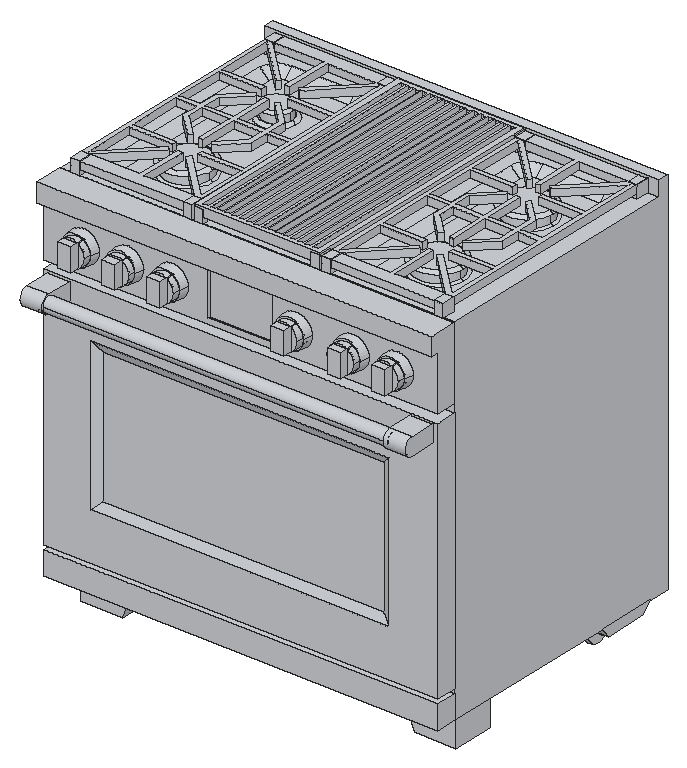
Revit family "DF36450C_S_P", category Generic Models, Revit 2020
Family settings
  Can host rebar = No
  Round Connector Dimension = Use Diameter
  Part Type = Normal
  Work Plane-Based = No
  Always vertical = Yes
  Cut with Voids When Loaded = No
  Shared = No
  Room Calculation Point = No
Parameters
  Default Elevation = 0' - 0"
Reference planes (in)
  plane 1 "Center (Front/Back)": y = 0
  plane 2: z = 0
  plane 3 "Center (Left/Right)": x = 0
Forms (in)
  Extrusion 1, solid
    sketch origin (0, 0, 0) x (0, 1, 0) y (0, 0, 1)
      loop
        line (1.88976, 35.59055) -> (-0.70866, 35.59055) -> (-0.70866, 33.89764) -> (0, 33.89764) -> (0, 28.9252) -> (1.88976, 28.9252) -> (1.88976, 35.59055)
    from 0 to 35.86614
  Extrusion 2, solid
    sketch origin (0, 0, 0) x (0, 1, 0) y (0, 0, 1)
      loop
        line (26.14173, 36.9685) -> (25.15748, 36.9685) -> (25.15748, 35.59055) -> (1.9685, 35.59055) -> (1.9685, 3.14961) -> (26.14173, 3.14961) -> (26.14173, 36.9685)
    from 0 to 35.86614
  Extrusion 3, solid
    sketch origin (0, 0, 0) x (0, 1, 0) y (0, 0, 1)
      loop
        line (1.9685, 5.31496) -> (0, 5.31496) -> (0, 3.14961) -> (1.9685, 3.14961) -> (1.9685, 5.31496)
    from 0 to 35.86614
  Extrusion 4, solid
    sketch origin (0, 0, 0) x (0, 1, 0) y (0, 0, 1)
      loop
        line (0, 28.18898) -> (0, 5.70866) -> (1.9685, 5.70866) -> (1.9685, 28.18898) -> (0, 28.18898)
    from 0 to 35.86614
  Extrusion 5, solid
    sketch origin (0, 0, 0) x (0, 1, 0) y (0, 0, 1)
      loop
        line (0, 26.41732) -> (0, 27.99213) -> (-2.3622, 27.99213)
        arc (-2.3622, 27.99213) -> (-3.14961, 27.20472) -> (-2.3622, 26.41732) r 0.7874
        line (-2.3622, 26.41732) -> (0, 26.41732)
    from 0.40557 to 2.36419
  Extrusion 6, solid
    sketch origin (26.75, 0, 0) x (0, 1, 0) y (0, 0, 1)
      loop
        line (0, 26.41732) -> (0, 27.99213) -> (-2.3622, 27.99213)
        arc (-2.3622, 27.99213) -> (-3.14961, 27.20472) -> (-2.3622, 26.41732) r 0.7874
        line (-2.3622, 26.41732) -> (0, 26.41732)
    from 6.69488 to 8.70866
  Extrusion 7, solid
    sketch origin (0, 0, 0) x (0, 1, 0) y (0, 0, 1)
      loop
        circle (-2.41707, 27.24489) r 0.66649
    from 1.8261 to 33.83672
  Extrusion 8, solid
    sketch origin (0, 0, 0) x (1, 0, 0) y (0, 0, 1)
      loop
        line (0.84646, 3.14961) -> (0.84646, 0) -> (4.66535, 0) -> (5.90551, 3.14961) -> (0.84646, 3.14961)
    from -7.02923 to -3.18791
  Extrusion 9, solid
    sketch origin (5.98425, 0, 0) x (1, 0, 0) y (0, 0, 1)
      loop
        line (23.97638, 3.14961) -> (25.21654, 0) -> (29.03543, 0) -> (29.03543, 3.14961) -> (23.97638, 3.14961)
    from -7.02923 to -3.18791
  Extrusion 10, solid
    sketch origin (0, 0, 0) x (0, 1, 0) y (0, 0, 1)
      loop
        line (24.17323, 3.14961) -> (18.66142, 3.14961) -> (19.45248, 2.27893) -> (23.38927, 2.27893) -> (24.17323, 3.14961)
    from 0 to 4.72441
  Extrusion 11, solid
    sketch origin (0, 0, 0) x (0, 1, 0) y (0, 0, 1)
      loop
        line (22.5954, 2.27893) -> (20.23924, 2.27893) -> (21.02362, 1.10236) -> (21.81102, 1.10236) -> (22.5954, 2.27893)
    from 1.5748 to 3.93701
  Extrusion 12, solid
    sketch origin (0, 0, 0) x (0, 1, 0) y (0, 0, 1)
      loop
        circle (21.41732, 1.10236) r 1.1236
    from 2.55906 to 2.95276
  Extrusion 13, solid
    sketch origin (31.14173, 0, 0) x (0, 1, 0) y (0, 0, 1)
      loop
        line (24.17323, 3.14961) -> (18.66142, 3.14961) -> (19.45248, 2.27893) -> (23.38927, 2.27893) -> (24.17323, 3.14961)
    from 0 to 4.72441
  Extrusion 14, solid
    sketch origin (30.35735, 0, 0) x (0, 1, 0) y (0, 0, 1)
      loop
        line (22.5954, 2.27893) -> (20.23924, 2.27893) -> (21.02362, 1.10236) -> (21.81102, 1.10236) -> (22.5954, 2.27893)
    from 1.5748 to 3.93701
  Extrusion 15, solid
    sketch origin (30.35735, 0, 0) x (0, 1, 0) y (0, 0, 1)
      loop
        circle (21.41732, 1.10236) r 1.1236
    from 2.55906 to 2.95276
  Blend 16, solid
    base sketch origin (0, 0, 0) x (1, 0, 0) y (0, 0, 1)
      loop
        circle (3.62205, 31.31299) r 1.45314
    top sketch origin (0, 0, 0) x (1, 0, 0) y (0, 0, 1)
      loop
        circle (3.62205, 31.31299) r 1.33532
    from 0 to 0.7874
  Extrusion 17, solid
    sketch origin (0, 0, 0) x (1, 0, 0) y (0, 0, 1)
      loop
        circle (3.62205, 31.31299) r 1.21601
    from 0 to 1.37795
  Extrusion 18, solid
    sketch origin (0, 0, 0) x (1, 0, 0) y (0, 0, 1)
      loop
        line (3.0315, 32.37598) -> (3.0315, 30.29013) -> (4.2126, 30.29013) -> (4.2126, 32.37598) -> (3.0315, 32.37598)
    from 0 to 2.15573
  Blend 19, solid, not visible
    base sketch origin (0, 0, 0) x (1, 0, 0) y (0, 0, 1)
      loop
        circle (3.62205, 31.31299) r 1.45314
    top sketch origin (0, 0, 0) x (1, 0, 0) y (0, 0, 1)
      loop
        circle (3.62205, 31.31299) r 1.33532
    from 0 to 0.7874
  Extrusion 20, solid, not visible
    sketch origin (0, 0, 0) x (1, 0, 0) y (0, 0, 1)
      loop
        circle (3.62205, 31.31299) r 1.21601
    from 0 to 1.37795
  Extrusion 21, solid, not visible
    sketch origin (0, 0, 0) x (1, 0, 0) y (0, 0, 1)
      loop
        line (3.0315, 32.37598) -> (3.0315, 30.29013) -> (4.2126, 30.29013) -> (4.2126, 32.37598) -> (3.0315, 32.37598)
    from 0 to 2.15573
  Blend 22, solid
    base sketch origin (4.01575, 0, 0) x (1, 0, 0) y (0, 0, 1)
      loop
        circle (3.62205, 31.31299) r 1.45314
    top sketch origin (4.01575, 0, 0) x (1, 0, 0) y (0, 0, 1)
      loop
        circle (3.62205, 31.31299) r 1.33532
    from 0 to 0.7874
  Extrusion 23, solid
    sketch origin (4.01575, 0, 0) x (1, 0, 0) y (0, 0, 1)
      loop
        circle (3.62205, 31.31299) r 1.21601
    from 0 to 1.37795
  Extrusion 24, solid
    sketch origin (4.01575, 0, 0) x (1, 0, 0) y (0, 0, 1)
      loop
        line (3.0315, 32.37598) -> (3.0315, 30.29013) -> (4.2126, 30.29013) -> (4.2126, 32.37598) -> (3.0315, 32.37598)
    from 0 to 2.15573
  Blend 25, solid
    base sketch origin (8.09755, 0, 0) x (1, 0, 0) y (0, 0, 1)
      loop
        circle (3.62205, 31.31299) r 1.45314
    top sketch origin (8.09755, 0, 0) x (1, 0, 0) y (0, 0, 1)
      loop
        circle (3.62205, 31.31299) r 1.33532
    from 0 to 0.7874
  Extrusion 26, solid
    sketch origin (8.09755, 0, 0) x (1, 0, 0) y (0, 0, 1)
      loop
        circle (3.62205, 31.31299) r 1.21601
    from 0 to 1.37795
  Extrusion 27, solid
    sketch origin (8.09755, 0, 0) x (1, 0, 0) y (0, 0, 1)
      loop
        line (3.0315, 32.37598) -> (3.0315, 30.29013) -> (4.2126, 30.29013) -> (4.2126, 32.37598) -> (3.0315, 32.37598)
    from 0 to 2.15573
  Blend 28, solid
    base sketch origin (19.36322, 0, 0) x (1, 0, 0) y (0, 0, 1)
      loop
        circle (3.62205, 31.31299) r 1.45314
    top sketch origin (19.36322, 0, 0) x (1, 0, 0) y (0, 0, 1)
      loop
        circle (3.62205, 31.31299) r 1.33532
    from 0 to 0.7874
  Extrusion 29, solid
    sketch origin (19.36322, 0, 0) x (1, 0, 0) y (0, 0, 1)
      loop
        circle (3.62205, 31.31299) r 1.21601
    from 0 to 1.37795
  Extrusion 30, solid
    sketch origin (19.36322, 0, 0) x (1, 0, 0) y (0, 0, 1)
      loop
        line (3.0315, 32.37598) -> (3.0315, 30.29013) -> (4.2126, 30.29013) -> (4.2126, 32.37598) -> (3.0315, 32.37598)
    from 0 to 2.15573
  Blend 31, solid
    base sketch origin (24.52756, 0, 0) x (1, 0, 0) y (0, 0, 1)
      loop
        circle (3.62205, 31.31299) r 1.45314
    top sketch origin (24.52756, 0, 0) x (1, 0, 0) y (0, 0, 1)
      loop
        circle (3.62205, 31.31299) r 1.33532
    from 0 to 0.7874
  Extrusion 32, solid
    sketch origin (24.52756, 0, 0) x (1, 0, 0) y (0, 0, 1)
      loop
        circle (3.62205, 31.31299) r 1.21601
    from 0 to 1.37795
  Extrusion 33, solid
    sketch origin (24.52756, 0, 0) x (1, 0, 0) y (0, 0, 1)
      loop
        line (3.0315, 32.37598) -> (3.0315, 30.29013) -> (4.2126, 30.29013) -> (4.2126, 32.37598) -> (3.0315, 32.37598)
    from 0 to 2.15573
  Extrusion 34, void
    sketch origin (0, 0, 0) x (1, 0, 0) y (0, 0, 1)
      loop
        line (20.89567, 33.47638) -> (14.96654, 33.47638) -> (14.96654, 29.46063) -> (20.89567, 29.46063) -> (20.89567, 33.47638)
    from -0.22861 to 12
  Blend 35, void
    base sketch origin (0, 0, 0) x (1, 0, 0) y (0, 0, 1)
      loop
        line (5.09843, 23.05118) -> (5.09843, 10.84646) -> (30.62992, 10.84646) -> (30.62992, 23.05118) -> (5.09843, 23.05118)
    top sketch origin (0, 0, 0) x (1, 0, 0) y (0, 0, 1)
      loop
        line (31.41732, 23.83858) -> (4.31102, 23.83858) -> (4.31102, 10.05905) -> (31.41732, 10.05905) -> (31.41732, 23.83858)
    from -0.3937 to 0
  Blend 36, void
    base sketch origin (-0.55118, 0, 0) x (1, 0, 0) y (0, 1, 0)
      loop
        arc (4.14855, 22.95276) -> (3.56747, 22.71206) -> (3.32677, 22.13098) r 0.82178
        line (3.32677, 22.13098) -> (3.32677, 4.8769)
        arc (3.32677, 4.8769) -> (3.56747, 4.29581) -> (4.14855, 4.05512) r 0.82178
        line (4.14855, 4.05512) -> (9.98531, 4.05512)
        arc (9.98531, 4.05512) -> (10.56639, 4.29581) -> (10.80709, 4.8769) r 0.82178
        line (10.80709, 4.8769) -> (10.80709, 22.13098)
        arc (10.80709, 22.13098) -> (10.56639, 22.71206) -> (9.98531, 22.95276) r 0.82178
        line (9.98531, 22.95276) -> (4.14855, 22.95276)
    top sketch origin (-0.55118, 0, 0) x (1, 0, 0) y (0, 1, 0)
      loop
        arc (4.12346, 23.74016) -> (2.98272, 23.26764) -> (2.5102, 22.1269) r 1.61326
        line (2.5102, 22.1269) -> (2.5102, 4.8769)
        arc (2.5102, 4.8769) -> (2.98101, 3.74026) -> (4.11765, 3.26945) r 1.60744
        line (4.11765, 3.26945) -> (10.0306, 3.26945)
        arc (10.0306, 3.26945) -> (11.13644, 3.7275) -> (11.59449, 4.83334) r 1.56388
        line (11.59449, 4.83334) -> (11.59449, 22.13098)
        arc (11.59449, 22.13098) -> (11.12317, 23.26884) -> (9.98531, 23.74016) r 1.60918
        line (9.98531, 23.74016) -> (4.12346, 23.74016)
    from 34.80848 to 35.59055
  Blend 37, void
    base sketch origin (22.28547, 0, 0) x (1, 0, 0) y (0, 1, 0)
      loop
        arc (4.14855, 22.95276) -> (3.56747, 22.71206) -> (3.32677, 22.13098) r 0.82178
        line (3.32677, 22.13098) -> (3.32677, 4.8769)
        arc (3.32677, 4.8769) -> (3.56747, 4.29581) -> (4.14855, 4.05512) r 0.82178
        line (4.14855, 4.05512) -> (9.98531, 4.05512)
        arc (9.98531, 4.05512) -> (10.56639, 4.29581) -> (10.80709, 4.8769) r 0.82178
        line (10.80709, 4.8769) -> (10.80709, 22.13098)
        arc (10.80709, 22.13098) -> (10.56639, 22.71206) -> (9.98531, 22.95276) r 0.82178
        line (9.98531, 22.95276) -> (4.14855, 22.95276)
    top sketch origin (22.28547, 0, 0) x (1, 0, 0) y (0, 1, 0)
      loop
        arc (4.12346, 23.74016) -> (2.98272, 23.26764) -> (2.5102, 22.1269) r 1.61326
        line (2.5102, 22.1269) -> (2.5102, 4.8769)
        arc (2.5102, 4.8769) -> (2.98101, 3.74026) -> (4.11765, 3.26945) r 1.60744
        line (4.11765, 3.26945) -> (10.0306, 3.26945)
        arc (10.0306, 3.26945) -> (11.13644, 3.7275) -> (11.59449, 4.83334) r 1.56388
        line (11.59449, 4.83334) -> (11.59449, 22.13098)
        arc (11.59449, 22.13098) -> (11.12317, 23.26884) -> (9.98531, 23.74016) r 1.60918
        line (9.98531, 23.74016) -> (4.12346, 23.74016)
    from 34.80848 to 35.59055
  Extrusion 38, solid
    sketch origin (-0.55118, 0, 0) x (1, 0, 0) y (0, 1, 0)
      loop
        line (1.55512, 25.15748) -> (1.55512, 1.88976) -> (12.57874, 1.88976) -> (12.57874, 25.15748) -> (1.55512, 25.15748)
      loop
        line (2.22659, 23.93701) -> (6.25887, 19.90473) -> (5.97639, 19.62225) -> (1.94342, 23.65522) -> (1.94342, 18.58268) -> (5.88583, 18.58268) -> (5.88583, 18.18898) -> (1.94342, 18.18898) -> (1.94342, 13.70079) -> (3.91732, 13.70079) -> (3.91732, 15.35713) -> (5.94192, 17.38172) -> (6.22031, 17.10333) -> (4.31102, 15.19405) -> (4.31102, 13.70079) -> (6.87008, 13.70079) -> (6.87008, 17.27886) -> (7.26545, 17.27886) -> (7.26545, 13.70079) -> (9.82036, 13.70079) -> (9.82036, 15.19738) -> (7.91548, 17.10225) -> (8.19345, 17.38021) -> (10.21654, 15.35713) -> (10.21654, 13.70079) -> (12.18504, 13.70079) -> (12.18504, 18.18898) -> (8.24803, 18.18898) -> (8.24803, 18.58268) -> (12.18504, 18.58268) -> (12.18504, 23.65908) -> (8.15161, 19.62565) -> (7.86344, 19.91382) -> (11.88664, 23.93701) -> (7.26378, 23.93701) -> (7.26378, 19.6063) -> (6.87008, 19.6063) -> (6.87008, 23.93701) -> (2.22659, 23.93701)
      loop
        line (9.82036, 11.79288) -> (9.82036, 13.30709) -> (7.26545, 13.30709) -> (7.26545, 9.74409) -> (6.87008, 9.74409) -> (6.87008, 13.30709) -> (4.31102, 13.30709) -> (4.31102, 11.81382) -> (6.22187, 9.90297) -> (5.94348, 9.62459) -> (3.91732, 11.65075) -> (3.91732, 13.31073) -> (1.94342, 13.31073) -> (1.94342, 8.38583) -> (5.88583, 8.38583) -> (5.88583, 7.99213) -> (1.94342, 7.99213) -> (1.94342, 3.37305) -> (5.97438, 7.40401) -> (6.26736, 7.11102) -> (2.22655, 3.07021) -> (6.86986, 3.07021) -> (6.86986, 7.40401) -> (7.26545, 7.40401) -> (7.26545, 3.07021) -> (11.90457, 3.07021) -> (7.84812, 7.12666) -> (8.11918, 7.39772) -> (12.18504, 3.33186) -> (12.18504, 7.99213) -> (8.24803, 7.99213) -> (8.24803, 8.38583) -> (12.18504, 8.38583) -> (12.18504, 13.30709) -> (10.21654, 13.30709) -> (10.21654, 11.65075) -> (8.19038, 9.62459) -> (7.92122, 9.89374) -> (9.82036, 11.79288)
    from 36.10253 to 36.77165
  Extrusion 39, solid
    sketch origin (-0.55118, 0, 0) x (1, 0, 0) y (0, 1, 0)
      loop
        line (11.79134, 3.07021) -> (11.79134, 1.88976) -> (12.57874, 1.88976) -> (12.57874, 3.07021) -> (11.79134, 3.07021)
      loop
        line (12.57874, 25.11811) -> (11.79134, 25.11811) -> (11.79134, 23.93701) -> (12.57874, 23.93701) -> (12.57874, 25.11811)
      loop
        line (1.55512, 25.11811) -> (1.55512, 23.93701) -> (2.34252, 23.93701) -> (2.34252, 25.11811) -> (1.55512, 25.11811)
      loop
        line (2.34252, 3.07021) -> (1.55512, 3.07021) -> (1.55512, 1.88976) -> (2.34252, 1.88976) -> (2.34252, 3.07021)
      loop
        line (13.56299, 25.11811) -> (12.77559, 25.11811) -> (12.77559, 23.93701) -> (13.09055, 23.93701) -> (13.09055, 24.72441) -> (13.56299, 24.72441) -> (13.56299, 25.11811)
      loop
        line (23.40551, 25.11811) -> (23.40551, 24.72441) -> (23.79921, 24.72441) -> (23.79921, 23.93701) -> (24.19291, 23.93701) -> (24.19291, 25.11811) -> (23.40551, 25.11811)
      loop
        line (12.77559, 3.07021) -> (12.77559, 1.88976) -> (13.56299, 1.88976) -> (13.56299, 2.28346) -> (13.09055, 2.28346) -> (13.09055, 3.07021) -> (12.77559, 3.07021)
      loop
        line (23.40551, 2.28346) -> (23.40551, 1.88976) -> (24.19291, 1.88976) -> (24.19291, 3.07087) -> (23.79921, 3.07087) -> (23.79921, 2.28346) -> (23.40551, 2.28346)
    from 35.59055 to 36.77165
  Extrusion 40, solid
    sketch origin (22.2818, 0, 0) x (1, 0, 0) y (0, 1, 0)
      loop
        line (1.55512, 25.15748) -> (1.55512, 1.88976) -> (12.57874, 1.88976) -> (12.57874, 25.15748) -> (1.55512, 25.15748)
      loop
        line (2.22659, 23.93701) -> (6.25887, 19.90473) -> (5.97639, 19.62225) -> (1.94342, 23.65522) -> (1.94342, 18.58268) -> (5.88583, 18.58268) -> (5.88583, 18.18898) -> (1.94342, 18.18898) -> (1.94342, 13.70079) -> (3.91732, 13.70079) -> (3.91732, 15.35713) -> (5.94192, 17.38172) -> (6.22031, 17.10333) -> (4.31102, 15.19405) -> (4.31102, 13.70079) -> (6.87008, 13.70079) -> (6.87008, 17.27886) -> (7.26545, 17.27886) -> (7.26545, 13.70079) -> (9.82036, 13.70079) -> (9.82036, 15.19738) -> (7.91548, 17.10225) -> (8.19345, 17.38021) -> (10.21654, 15.35713) -> (10.21654, 13.70079) -> (12.18504, 13.70079) -> (12.18504, 18.18898) -> (8.24803, 18.18898) -> (8.24803, 18.58268) -> (12.18504, 18.58268) -> (12.18504, 23.65908) -> (8.15161, 19.62565) -> (7.86344, 19.91382) -> (11.88664, 23.93701) -> (7.26378, 23.93701) -> (7.26378, 19.6063) -> (6.87008, 19.6063) -> (6.87008, 23.93701) -> (2.22659, 23.93701)
      loop
        line (9.82036, 11.79288) -> (9.82036, 13.30709) -> (7.26545, 13.30709) -> (7.26545, 9.74409) -> (6.87008, 9.74409) -> (6.87008, 13.30709) -> (4.31102, 13.30709) -> (4.31102, 11.81382) -> (6.22187, 9.90297) -> (5.94348, 9.62459) -> (3.91732, 11.65075) -> (3.91732, 13.31073) -> (1.94342, 13.31073) -> (1.94342, 8.38583) -> (5.88583, 8.38583) -> (5.88583, 7.99213) -> (1.94342, 7.99213) -> (1.94342, 3.37305) -> (5.97438, 7.40401) -> (6.26736, 7.11102) -> (2.22655, 3.07021) -> (6.86986, 3.07021) -> (6.86986, 7.40401) -> (7.26545, 7.40401) -> (7.26545, 3.07021) -> (11.90457, 3.07021) -> (7.84812, 7.12666) -> (8.11918, 7.39772) -> (12.18504, 3.33186) -> (12.18504, 7.99213) -> (8.24803, 7.99213) -> (8.24803, 8.38583) -> (12.18504, 8.38583) -> (12.18504, 13.30709) -> (10.21654, 13.30709) -> (10.21654, 11.65075) -> (8.19038, 9.62459) -> (7.92122, 9.89374) -> (9.82036, 11.79288)
    from 36.10253 to 36.77165
  Extrusion 41, solid
    sketch origin (22.2818, 0, 0) x (1, 0, 0) y (0, 1, 0)
      loop
        line (11.79134, 3.07021) -> (11.79134, 1.88976) -> (12.57874, 1.88976) -> (12.57874, 3.07021) -> (11.79134, 3.07021)
      loop
        line (12.57874, 25.11811) -> (11.79134, 25.11811) -> (11.79134, 23.93701) -> (12.57874, 23.93701) -> (12.57874, 25.11811)
      loop
        line (1.55512, 25.11811) -> (1.55512, 23.93701) -> (2.34252, 23.93701) -> (2.34252, 25.11811) -> (1.55512, 25.11811)
      loop
        line (2.34252, 3.07021) -> (1.55512, 3.07021) -> (1.55512, 1.88976) -> (2.34252, 1.88976) -> (2.34252, 3.07021)
    from 35.59055 to 36.77165
  Blend 42, solid
    base sketch origin (-0.55118, 0, 0) x (1, 0, 0) y (0, 1, 0)
      loop
        circle (7.09071, 18.35456) r 1.75898
    top sketch origin (-0.55118, 0, 0) x (1, 0, 0) y (0, 1, 0)
      loop
        circle (7.09071, 18.35456) r 1.42487
    from 34.80848 to 34.99711
  Blend 43, solid
    base sketch origin (-0.55118, -10.19685, 0) x (1, 0, 0) y (0, 1, 0)
      loop
        circle (7.09071, 18.35456) r 2.38325
    top sketch origin (-0.55118, -10.19685, 0) x (1, 0, 0) y (0, 1, 0)
      loop
        circle (7.09071, 18.35456) r 2
    from 34.80848 to 34.99711
  Extrusion 44, solid
    sketch origin (-0.55118, 0, 0) x (1, 0, 0) y (0, 1, 0)
      loop
        circle (7.10752, 18.34098) r 1.28657
    from 34.80848 to 35.7874
  Extrusion 45, solid
    sketch origin (-0.55118, -10.19685, 0) x (1, 0, 0) y (0, 1, 0)
      loop
        circle (7.10752, 18.34098) r 2.08832
    from 34.80848 to 35.7874
  Blend 46, solid
    base sketch origin (-0.55118, 0, 0.97892) x (1, 0, 0) y (0, 1, 0)
      loop
        circle (7.09071, 18.35456) r 1.42487
    top sketch origin (-0.55118, 0, 0.97892) x (1, 0, 0) y (0, 1, 0)
      loop
        circle (7.09071, 18.35456) r 1.25
    from 34.80848 to 34.99711
  Blend 47, solid
    base sketch origin (-0.55118, -10.19685, 0.97892) x (1, 0, 0) y (0, 1, 0)
      loop
        circle (7.09071, 18.35456) r 2.38325
    top sketch origin (-0.55118, -10.19685, 0.97892) x (1, 0, 0) y (0, 1, 0)
      loop
        circle (7.09071, 18.35456) r 2
    from 34.80848 to 34.99711
  Blend 48, solid
    base sketch origin (22.2818, 0, 0) x (1, 0, 0) y (0, 1, 0)
      loop
        circle (7.09071, 18.35456) r 2.38325
    top sketch origin (22.2818, 0, 0) x (1, 0, 0) y (0, 1, 0)
      loop
        circle (7.09071, 18.35456) r 2
    from 34.80848 to 34.99711
  Extrusion 49, solid
    sketch origin (22.2818, 0, 0) x (1, 0, 0) y (0, 1, 0)
      loop
        circle (7.10752, 18.34098) r 2.08832
    from 34.80848 to 35.7874
  Blend 50, solid
    base sketch origin (22.2818, 0, 0.97892) x (1, 0, 0) y (0, 1, 0)
      loop
        circle (7.09071, 18.35456) r 2.38325
    top sketch origin (22.2818, 0, 0.97892) x (1, 0, 0) y (0, 1, 0)
      loop
        circle (7.09071, 18.35456) r 2
    from 34.80848 to 34.99711
  Blend 51, solid
    base sketch origin (22.2818, -10.19685, 0) x (1, 0, 0) y (0, 1, 0)
      loop
        circle (7.09071, 18.35456) r 2.38325
    top sketch origin (22.2818, -10.19685, 0) x (1, 0, 0) y (0, 1, 0)
      loop
        circle (7.09071, 18.35456) r 2
    from 34.80848 to 34.99711
  Extrusion 52, solid
    sketch origin (22.2818, -10.19685, 0) x (1, 0, 0) y (0, 1, 0)
      loop
        circle (7.10752, 18.34098) r 2.08832
    from 34.80848 to 35.7874
  Blend 53, solid
    base sketch origin (22.2818, -10.19685, 0.97892) x (1, 0, 0) y (0, 1, 0)
      loop
        circle (7.09071, 18.35456) r 2.38325
    top sketch origin (22.2818, -10.19685, 0.97892) x (1, 0, 0) y (0, 1, 0)
      loop
        circle (7.09071, 18.35456) r 2
    from 34.80848 to 34.99711
  Blend 54, solid
    base sketch origin (28.56299, 0, 0) x (1, 0, 0) y (0, 0, 1)
      loop
        circle (3.62205, 31.31299) r 1.45314
    top sketch origin (28.56299, 0, 0) x (1, 0, 0) y (0, 0, 1)
      loop
        circle (3.62205, 31.31299) r 1.33532
    from 0 to 0.7874
  Extrusion 55, solid
    sketch origin (28.56299, 0, 0) x (1, 0, 0) y (0, 0, 1)
      loop
        circle (3.62205, 31.31299) r 1.21601
    from 0 to 1.37795
  Extrusion 56, solid
    sketch origin (28.56299, 0, 0) x (1, 0, 0) y (0, 0, 1)
      loop
        line (3.0315, 32.37598) -> (3.0315, 30.29013) -> (4.2126, 30.29013) -> (4.2126, 32.37598) -> (3.0315, 32.37598)
    from 0 to 2.15573
  Blend 57, void
    base sketch origin (0, 0, 0) x (1, 0, 0) y (0, 1, 0)
      loop
        line (13.99606, 4.05512) -> (21.87008, 4.05512) -> (21.87008, 21.77165) -> (13.99606, 21.77165) -> (13.99606, 4.05512)
    top sketch origin (0, 0, 0) x (1, 0, 0) y (0, 1, 0)
      loop
        line (20.45276, 20.35433) -> (15.41339, 20.35433) -> (15.41339, 5.47244) -> (20.45276, 5.47244) -> (20.45276, 20.35433)
    from 35.89574 to 32.30587
  Extrusion 58, solid
    sketch origin (0, 0, 0) x (1, 0, 0) y (0, 1, 0)
      loop
        line (23.64173, 25.15748) -> (12.22441, 25.15748) -> (12.22441, 1.88976) -> (23.64173, 1.88976) -> (23.64173, 25.15748)
      loop
        line (23.24803, 24.72441) -> (22.6624, 24.72441) -> (22.6624, 2.28346) -> (23.24803, 2.28346) -> (23.24803, 24.72441)
      loop
        line (22.50492, 24.72441) -> (21.99803, 24.72441) -> (21.99803, 2.28346) -> (22.50492, 2.28346) -> (22.50492, 24.72441)
      loop
        line (21.84055, 24.72441) -> (21.33366, 24.72441) -> (21.33366, 2.28346) -> (21.84055, 2.28346) -> (21.84055, 24.72441)
      loop
        line (21.17618, 24.72441) -> (20.66929, 24.72441) -> (20.66929, 2.28346) -> (21.17618, 2.28346) -> (21.17618, 24.72441)
      loop
        line (20.51181, 24.72441) -> (20.00492, 24.72441) -> (20.00492, 2.28346) -> (20.51181, 2.28346) -> (20.51181, 24.72441)
      loop
        line (19.84744, 24.72441) -> (19.34055, 24.72441) -> (19.34055, 2.28346) -> (19.84744, 2.28346) -> (19.84744, 24.72441)
      loop
        line (19.18307, 24.72441) -> (18.67618, 24.72441) -> (18.67618, 2.28346) -> (19.18307, 2.28346) -> (19.18307, 24.72441)
      loop
        line (18.5187, 24.72441) -> (18.01181, 24.72441) -> (18.01181, 2.28346) -> (18.5187, 2.28346) -> (18.5187, 24.72441)
      loop
        line (17.85433, 24.72441) -> (17.34744, 24.72441) -> (17.34744, 2.28346) -> (17.85433, 2.28346) -> (17.85433, 24.72441)
      loop
        line (17.18996, 24.72441) -> (16.68307, 24.72441) -> (16.68307, 2.28346) -> (17.18996, 2.28346) -> (17.18996, 24.72441)
      loop
        line (16.52559, 24.72441) -> (16.0187, 24.72441) -> (16.0187, 2.28346) -> (16.52559, 2.28346) -> (16.52559, 24.72441)
      loop
        line (15.86122, 24.72441) -> (15.35433, 24.72441) -> (15.35433, 2.28346) -> (15.86122, 2.28346) -> (15.86122, 24.72441)
      loop
        line (15.19685, 24.72441) -> (14.68996, 24.72441) -> (14.68996, 2.28346) -> (15.19685, 2.28346) -> (15.19685, 24.72441)
      loop
        line (14.53248, 24.72441) -> (14.02559, 24.72441) -> (14.02559, 2.28346) -> (14.53248, 2.28346) -> (14.53248, 24.72441)
      loop
        line (13.86811, 24.72441) -> (13.36122, 24.72441) -> (13.36122, 2.28346) -> (13.86811, 2.28346) -> (13.86811, 24.72441)
      loop
        line (13.20374, 24.72441) -> (12.69685, 24.72441) -> (12.69685, 2.28346) -> (13.20374, 2.28346) -> (13.20374, 24.72441)
    from 36.10253 to 36.9685
Cuts and joins
  Extrusion 34 cuts Extrusion 1
  Blend 35 cuts Extrusion 4
  Blend 36, Blend 37, Blend 57 cuts Extrusion 2
  Blend 36 cuts Extrusion 8
  Blend 36 cuts Extrusion 10
  Blend 36 cuts Extrusion 11
Dimensions and locks (in)
  aligned and locked: plane 2 to level
